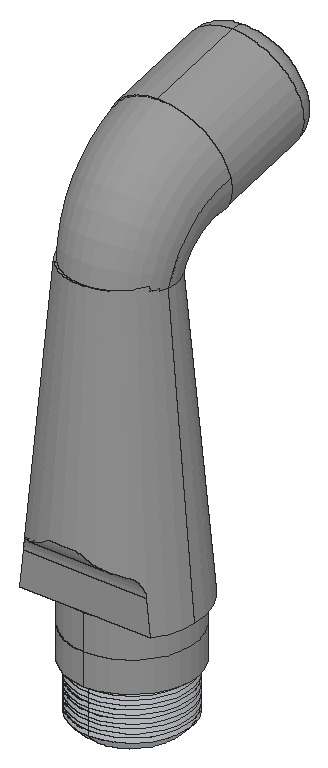
Revit family "Be-Fresh", category Plumbing Fixtures, Revit 2015
Parameters (values of type "Be-Fresh")
  Width = 40 mm
  URL = "https://mk.cl/products/product_detail/ducha-higienica-be-fresh/8338/"
  Type Comments = "Terminacion Cromada. Incluye Soporte fijo y Flexible"
  Supplier = "Mk"  # constant formula
  Model = "Be-Fresh"
  Manufacturer = "Roca"  # constant formula
  Keynote = "22 35 43"
  ID_Source = "BIMTOOL"
  ID_Objeto = "BT_F_F_1763"
  Height = 145 mm
  Description = "Ducha higienica Be Fresh"
  Depth = 85 mm
  Default Elevation = 1219.2 mm
  Copyright © = "Bimtool 2018 ®Todos los derechos reservados."  # constant formula
  BT_Uso = "Baño"
  BT_SKU = "00 00 00"
  BT_Material = Cromo
  BT_Itemizado_Estandar_CDT = "H 06 06 00"
  BT_Color = "Cromado"
  Assembly Code = "D2010.60"
Reference planes
  plane 1 "Center (Front/Back)": y = 0
  plane 2: z = 0
  plane 3 "Center (Left/Right)": x = 0
  plane 4: z = 145
  plane 5: y = -42.5
  plane 6: y = 42.5
  plane 7: x = 20
  plane 8: x = -20
Forms (mm)
  Revolve 1, solid, material "Cromo"
    sketch origin (0, -4.185, -3.804) x (0, 1, 0) y (0, 0, 1)
      loop
        line (9.59, 128.169) -> (40.051, 135.202) -> (37.316, 147.046)
        arc (37.316, 147.046) -> (35.025, 148.925) -> (32.071, 149.155) r 4.94
        line (32.071, 149.155) -> (7.711, 143.531) -> (9.59, 128.169)
      axis (9.59, 128.169) -> (40.051, 135.202)
    angle from 0 to 360
  Revolve 2, solid
    sketch origin (0, 3.014, 0) x (0, 1, 0) y (0, 0, 1)
      loop
        line (-7.93, 13.706) -> (-7.93, -1.294) -> (3.093, -1.294)
        arc (3.093, -1.294) -> (4.698, -0.043) -> (5.948, 1.561) r 8.255
        line (5.948, 1.561) -> (5.948, 13.706) -> (-7.93, 13.706)
      axis (-7.93, 13.706) -> (-7.93, -1.294)
    angle from 0 to 360
  Revolve 3, solid
    sketch origin (0, 3.014, 0) x (0, 1, 0) y (0, 0, 1)
      loop
        line (-7.93, 13.706) -> (-7.93, 12.546) -> (6.109, 12.546) -> (6.109, 13.706) -> (-7.93, 13.706)
      loop
        line (-7.93, 11.527) -> (-7.93, 10.367) -> (6.109, 10.367) -> (6.109, 11.527) -> (-7.93, 11.527)
      loop
        line (-7.93, 9.348) -> (-7.93, 8.188) -> (6.109, 8.188) -> (6.109, 9.348) -> (-7.93, 9.348)
      loop
        line (-7.93, 7.169) -> (-7.93, 6.008) -> (6.109, 6.008) -> (6.109, 7.169) -> (-7.93, 7.169)
      loop
        line (-7.93, 4.989) -> (-7.93, 3.829) -> (6.109, 3.829) -> (6.109, 4.989) -> (-7.93, 4.989)
      loop
        line (-7.93, 2.81) -> (-7.93, 1.65) -> (6.109, 1.65) -> (6.109, 2.81) -> (-7.93, 2.81)
      axis (-7.93, 13.706) -> (-7.93, 1.65)
    angle from 0 to 360
  Revolve 4, solid, material "Cromo"
    sketch origin (0, 3.014, 0) x (0, 1, 0) y (0, 0, 1)
      loop
        line (-7.93, 21.726) -> (-7.93, 13.706) -> (7.521, 13.706) -> (7.521, 21.726) -> (-7.93, 21.726)
      axis (-7.93, 13.706) -> (-7.93, 21.726)
    angle from 0 to 360
  Revolve 5, solid, material "Cromo"
    sketch origin (0, 3.014, 0) x (0, 1, 0) y (0, 0, 1)
      loop
        line (-7.93, 30.703) -> (-7.93, 21.726) -> (7.508, 21.726) -> (7.508, 30.703) -> (-7.93, 30.703)
      axis (-7.93, 21.726) -> (-7.93, 30.703)
    angle from 0 to 360
  Revolve 6, void
    sketch origin (0, 0, 0) x (0, 1, 0) y (0, 0, 1)
      loop
        line (40.31, 119.948) -> (37.576, 131.792) -> (6.989, 124.73) -> (9.723, 112.886) -> (40.31, 119.948)
      axis (37.576, 131.792) -> (6.989, 124.73)
    angle from 0 to 360
  Extrusion 7, solid, material "boca de llave"
    sketch origin (0, 8.113, 119.858) x (0, 0.224951, -0.97437) y (-1, 0, 0)
      loop
        circle (-4.931, -0.011) r 12.2
    from 24.199 to 29.637
  Extrusion 8, solid, material "boca de llave"
    sketch origin (0, 36.99, 126.525) x (0, 0.224951, -0.97437) y (-1, 0, 0)
      loop
        circle (-5.81, 0) r 5
    from -3.223 to 0.529
  Extrusion 9, void
    sketch origin (0, 36.99, 126.525) x (0, -0.224951, 0.97437) y (-1, 0, 0)
      loop
        circle (11.358, 4.313) r 0.843
      loop
        circle (12.42, 1.396) r 0.843
      loop
        circle (9.412, 6.26) r 0.843
      loop
        circle (6.447, 6.26) r 0.843
      loop
        circle (3.514, 6.003) r 0.843
      loop
        circle (0.995, 4.062) r 0.843
      loop
        circle (-0.521, 1.207) r 0.843
      loop
        circle (11.358, -4.313) r 0.843
      loop
        circle (12.42, -1.396) r 0.843
      loop
        circle (9.412, -6.26) r 0.843
      loop
        circle (6.447, -6.26) r 0.843
      loop
        circle (3.514, -6.003) r 0.843
      loop
        circle (1.014, -4.191) r 0.843
      loop
        circle (-0.521, -1.207) r 0.843
    from -18.289 to 26.968
  Blend 10, solid, material "Cromo"
    base sketch origin (0, -1.548, 0) x (1, 0, 0) y (0, 1, 0)
      loop
        circle (0, -7.93) r 20
    top sketch origin (0, -1.548, 0) x (1, 0, 0) y (0, 1, 0)
      loop
        circle (0, -7.93) r 13
    from 30.703 to 108.219
  SweptBlend 11, solid, material "Cromo"
    path origin (0, -0.856, 0.352) x (0, 1, 0) y (0, 0, 1)
      loop
        arc (-8.347, 105.801) -> (-2.97, 118.027) -> (8.335, 125.139) r 22.786
    profile origin (0, -9.203, 106.153) x (0, -0.993173, 0.116649) y (1, 0, 0)
      loop
        circle (0.147, 0.25) r 12.9
    end profile origin (0, 7.479, 125.491) x (0, -0.261045, 0.965327) y (1, 0, 0)
      loop
        circle (-0.626, 0.239) r 15.4
  Extrusion 12, void
    sketch origin (-9.941, 0.354, 0) x (0, 1, 0) y (0, 0, 1)
      loop
        line (-20.354, 30.703) -> (-20.354, 39.604)
        arc (-20.354, 39.604) -> (-21.411, 42.954) -> (-24.198, 45.093) r 5.841
        arc (-24.198, 45.093) -> (-26.644, 46.873) -> (-27.771, 49.68) r 5.474
        line (-27.771, 49.68) -> (-28.715, 49.68) -> (-30.375, 30.703) -> (-20.354, 30.703)
    from -7.671 to 28.304
Cuts and joins
  Revolve 6, Extrusion 9 cuts Revolve 1
  Extrusion 9 cuts Extrusion 7
  Extrusion 12 cuts Revolve 5
  Extrusion 12 cuts Blend 10
Dimensions and locks
  "Depth": plane 5 to plane 6
  "Height": plane 4 to level
  "Width": plane 8 to plane 7
  aligned and locked: level to plane 2
Automatic sketch dimensions
  Revolve 1 sketch curve to plane 1 "Center (Front/Back)" = 3.526 mm
  Revolve 1 sketch curve to plane 1 "Center (Front/Back)" = 5.405 mm
  plane 4 to Revolve 1 sketch curve = 0.35 mm
  Revolve 1 sketch curve to plane 6 = 14.614 mm
  Revolve 1 sketch curve to Revolve 1 sketch curve = 1.111 mm
  Revolve 1 sketch curve to plane 4 = 1.759 mm
  Revolve 1 sketch curve to Revolve 1 sketch curve = 4.134 mm
  Revolve 1 sketch curve to plane 6 = 6.634 mm
  Revolve 1 sketch curve to plane 4 = 5.273 mm
  Revolve 1 sketch curve to Revolve 1 sketch curve = 9.14 mm
  Revolve 1 sketch curve to Revolve 1 sketch curve = 0 mm  (x4)
  plane 1 "Center (Front/Back)" to Revolve 2 sketch curve = 4.916 mm
  Revolve 2 sketch curve to plane 1 "Center (Front/Back)" = 1.874 mm
  Revolve 2 sketch curve to level = 1.294 mm
  Revolve 2 sketch curve to plane 1 "Center (Front/Back)" = 6.107 mm
  Revolve 2 sketch curve to plane 1 "Center (Front/Back)" = 8.962 mm
  level to Revolve 2 sketch curve = 1.561 mm
  Revolve 2 sketch curve to Revolve 2 sketch curve = 7.912 mm
  Revolve 2 sketch curve to Revolve 2 sketch curve = 0 mm  (x3)
  plane 1 "Center (Front/Back)" to Revolve 3 sketch curve = 4.916 mm  (x2)
  level to Revolve 3 sketch curve = 1.65 mm
  Revolve 3 sketch curve to Revolve 3 sketch curve = 0 mm  (x11)
  Revolve 3 sketch curve to plane 1 "Center (Front/Back)" = 9.123 mm
  Revolve 3 sketch curve to Revolve 3 sketch curve = 1.16 mm  (x6)
  Revolve 3 sketch curve to Revolve 3 sketch curve = 1.019 mm  (x5)
  Revolve 3 sketch curve to level = 1.294 mm
  plane 1 "Center (Front/Back)" to Revolve 4 sketch curve = 4.916 mm
  Revolve 4 sketch curve to plane 1 "Center (Front/Back)" = 10.535 mm
  level to Revolve 4 sketch curve = 13.706 mm
  Revolve 4 sketch curve to Revolve 4 sketch curve = 8.019 mm
  Revolve 4 sketch curve to Revolve 4 sketch curve = 0 mm  (x3)
  plane 1 "Center (Front/Back)" to Revolve 5 sketch curve = 4.916 mm
  Revolve 5 sketch curve to plane 1 "Center (Front/Back)" = 10.522 mm
  level to Revolve 5 sketch curve = 21.726 mm
  Revolve 5 sketch curve to Revolve 5 sketch curve = 8.977 mm
  Revolve 5 sketch curve to Revolve 5 sketch curve = 0 mm  (x3)
  Revolve 6 sketch curve to plane 1 "Center (Front/Back)" = 6.989 mm
  Revolve 6 sketch curve to plane 1 "Center (Front/Back)" = 9.723 mm
  Revolve 6 sketch curve to plane 6 = 4.924 mm
  Revolve 6 sketch curve to plane 4 = 32.114 mm
  Revolve 6 sketch curve to plane 4 = 25.052 mm
  Revolve 6 sketch curve to Revolve 6 sketch curve = 0 mm  (x2)
  Revolve 6 sketch curve to Revolve 6 sketch curve = 1.71 mm
  Revolve 6 sketch curve to Revolve 6 sketch curve = 0.395 mm
  Revolve 6 to Extrusion 7 sketch curve = 0.011 mm
  Extrusion 9 sketch curve to Extrusion 9 sketch curve = 0 mm  (x3)
  Extrusion 9 sketch curve to Extrusion 9 sketch curve = 1.516 mm
  Extrusion 9 sketch curve to Extrusion 9 sketch curve = 1.535 mm
  Extrusion 9 sketch curve to Extrusion 9 sketch curve = 2.5 mm
  Extrusion 9 sketch curve to Extrusion 9 sketch curve = 2.519 mm
  Extrusion 9 sketch curve to Extrusion 9 sketch curve = 2.933 mm  (x2)
  Extrusion 9 sketch curve to Extrusion 9 sketch curve = 2.965 mm  (x2)
  Extrusion 9 sketch curve to Extrusion 9 sketch curve = 1.947 mm  (x4)
  Extrusion 9 sketch curve to Extrusion 9 sketch curve = 1.062 mm
  Extrusion 9 sketch curve to Extrusion 9 sketch curve = 0.257 mm  (x2)
  Extrusion 9 sketch curve to Extrusion 9 sketch curve = 1.812 mm
  Extrusion 9 sketch curve to Extrusion 9 sketch curve = 2.917 mm  (x2)
  Extrusion 9 sketch curve to Extrusion 9 sketch curve = 2.984 mm
  Extrusion 9 sketch curve to Extrusion 9 sketch curve = 2.414 mm
  Extrusion 9 sketch curve to Extrusion 9 sketch curve = 2.793 mm
  Extrusion 9 sketch curve to Extrusion 9 sketch curve = 2.855 mm
  Extrusion 9 sketch curve to Extrusion 9 sketch curve = 1.941 mm
  Blend 10 sketch curve to plane 3 "Center (Left/Right)" = 0 mm  (x2)
  plane 1 "Center (Front/Back)" to Blend 10 sketch curve = 9.478 mm  (x2)
  SweptBlend 11 sketch curve to plane 1 "Center (Front/Back)" = 13.427 mm
  SweptBlend 11 sketch curve to plane 4 = 41.505 mm
  SweptBlend 11 sketch curve to plane 1 "Center (Front/Back)" = 7.479 mm
  plane 1 "Center (Front/Back)" to SweptBlend 11 sketch curve = 9.203 mm
  SweptBlend 11 sketch curve to SweptBlend 11 sketch curve = 2.658 mm
  SweptBlend 11 sketch curve to profile plane = 0.147 mm
  plane 3 "Center (Left/Right)" to SweptBlend 11 sketch curve = 0.25 mm
  plane 3 "Center (Left/Right)" to SweptBlend 11 sketch curve = 0.239 mm
  profile plane to SweptBlend 11 sketch curve = 0.626 mm
  Extrusion 12 sketch curve to plane 5 = 12.48 mm
  Extrusion 12 sketch curve to plane 5 = 14.14 mm
  Extrusion 12 sketch curve to Extrusion 12 sketch curve = 0.944 mm
  Extrusion 12 sketch curve to Extrusion 12 sketch curve = 4.18 mm
  Extrusion 12 sketch curve to Extrusion 12 sketch curve = 5.445 mm
  Extrusion 12 sketch curve to Extrusion 12 sketch curve = 5.841 mm
  level to Extrusion 12 sketch curve = 30.703 mm
  Extrusion 12 sketch curve to Extrusion 12 sketch curve = 8.902 mm
  Extrusion 12 sketch curve to Extrusion 12 sketch curve = 10.076 mm
  Extrusion 12 sketch curve to Extrusion 12 sketch curve = 0.556 mm
  radius of Extrusion 7 sketch curve = 12.2 mm
  radius of Extrusion 8 sketch curve = 5 mm
  radius of Extrusion 9 sketch curve = 0.843 mm  (x14)
  radius of Blend 10 sketch curve = 20 mm
  radius of Blend 10 sketch curve = 13 mm
  radius of SweptBlend 11 sketch curve = 12.9 mm
  radius of SweptBlend 11 sketch curve = 15.4 mm
Connectors
  piping at (0, -4.916, -1.294), diameter 25
    settings: on Revolve 2, index 1, connector inside diameter 609.6 mm, connector length 0 mm, flow factor 0, pipe flow 0.0 L/s, pressure drop 0.0 Pa, fitting loss kfactor 0, connector angle 0.00°, fixture units 0, engagement length 0 mm, angle of deflection 0.00°, flow configuration 0, flow direction 0, fitting loss method 0, system type 20, joint type 0, gender type 0, connector reference index -1, connector utility 0, adjustable connector no, is connector primary yes, connector description ""
